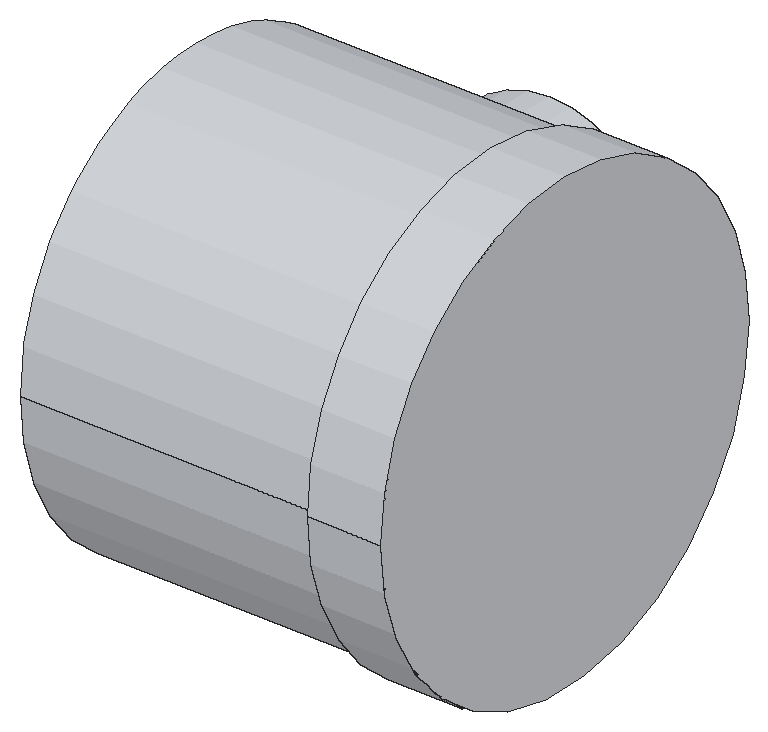
Revit family "M_Round Tee with Cap", category Duct Fittings, Revit 2014
Parameters (values of type "Standard")
  Shoulder Length [instance] = 25 mm
  Duct Radius 2 [instance] = 75 mm
  Duct Radius 1 [instance] = 150 mm
  Duct Length 3 [instance] = 50 mm  # constant formula
  Duct Length 2 [instance] = Duct Radius 1 + Shoulder Length  # 175 mm
  Duct Length 1 [instance] = Duct Radius 2 + Shoulder Length  # 100 mm
  Duct Diameter 2 [instance] = Duct Radius 2 * 2  # 150 mm
  Duct Diameter 1 [instance] = Duct Radius 1 * 2  # 300 mm
  Cap Radius [instance] = Duct Radius 1 + 6 mm  # 156 mm
Reference planes
  plane 1 "Center (Front/Back)": y = 0
  plane 2: z = 0
  plane 3 "Center (Left/Right)": x = 0
  plane 4: y = 175
  plane 5: x = -100
  plane 6: x = 100
  plane 7: x = 150
  plane 8: y = 156
  plane 9: y = -156
Forms (mm)
  Sweep 1, solid, detail levels medium+fine
    path in 3D
      loop
        line (0, 0, 0) -> (0, 175, 0)
    profile origin (0, 87.5, 0) x (-1, 0, 0) y (0, 0, 1)
      loop
        circle (0, 0) r 75
  Sweep 2, solid, detail levels medium+fine
    path in 3D
      loop
        line (-100, 0, 0) -> (100, 0, 0)
    profile origin (0, 0, 0) x (0, 1, 0) y (0, 0, 1)
      loop
        circle (0, 0) r 150
  Sweep 3, solid, detail levels medium+fine
    path in 3D
      loop
        line (100, 0, 0) -> (150, 0, 0)
    profile origin (125, 0, 0) x (0, 1, 0) y (0, 0, 1)
      loop
        circle (0, 0) r 156
Cuts and joins
  joined: Sweep 1, Sweep 2, Sweep 3
Lines and regions (mm)
  model lines, detail levels coarse
    curve 1: line (-100, 0, 0) -> (100, 0, 0)
    curve 2: line (0, 0, 0) -> (0, 175, 0)
    curve 5: line (100, 0, 0) -> (150, 0, 0)
    curve 8: line (100, 156, 0) -> (150, 156, 0)
    curve 9: line (150, 156, 0) -> (150, -156, 0)
    curve 10: line (150, -156, 0) -> (100, -156, 0)
  sketch lines
    curve 3: line (0, 0, 0) -> (0, 175, 0)
    curve 4: line (-100, 0, 0) -> (100, 0, 0)
    curve 6: line (100, 0, 0) -> (150, 0, 0)
  model lines, not visible
    curve 7: line (100, 0, 0) -> (150, 0, 0)
Dimensions and locks
  "Duct Length 1": plane 5 to plane 3 "Center (Left/Right)"
  "Duct Length 2": plane 4 to plane 1 "Center (Front/Back)"
  "Duct Length 3": plane 6 to plane 7
  "Duct Length 1": plane 3 "Center (Left/Right)" to plane 6
  equal spacing: plane 8, plane 1 "Center (Front/Back)", plane 9
  "Cap Radius": plane 8 to plane 1 "Center (Front/Back)"
  "Duct Radius 2": radius of Sweep 1 sketch curve
  "Duct Radius 1": radius of Sweep 2 sketch curve
  "Cap Radius": radius of Sweep 3 sketch curve
  aligned and locked: plane 1 "Center (Front/Back)" to curve 2
  aligned and locked: plane 4 to curve 2
  aligned and locked: plane 5 to curve 1
  aligned and locked: plane 3 "Center (Left/Right)" to Sweep 1 sketch curve
  aligned and locked: plane 2 to Sweep 1 sketch curve
  aligned and locked: plane 1 "Center (Front/Back)" to Sweep 2 sketch curve
  aligned and locked: plane 2 to Sweep 2 sketch curve
  aligned and locked: plane 1 "Center (Front/Back)" to Sweep 3 sketch curve
  aligned and locked: plane 2 to Sweep 3 sketch curve
  aligned and locked: plane 7 to curve 9
  aligned and locked: plane 7 to curve 10
  aligned and locked: plane 6 to curve 10
  aligned and locked: plane 6 to curve 8
  aligned and locked: curve 8 to plane 8
  aligned and locked: plane 9 to curve 10
  aligned and locked: plane 8 to curve 9
Automatic sketch dimensions
  curve 2 to plane 3 "Center (Left/Right)" = 0 mm
  curve 1 to plane 6 = 0 mm
Connectors
  hvac at (-100, 0, 0), driven by "Duct Radius 1"
    settings: on Sweep 2, index 1, duct flow 0.0 L/s, flow factor 0, pres drop 0.0 Pa, loss coef 0, conn angle 0.00°, conn width 304.8 mm, conn height 304.8 mm, conn diameter 300 mm, duct sys type 28, conn prof type 0, flow config 0, flow direction 0, loss method 0, conn ref index 2, conn util no, is conn primary yes, conn desc ""
  hvac at (0, 175, 0), driven by "Duct Radius 2"
    settings: on Sweep 1, index 2, duct flow 0.0 L/s, flow factor 0, pres drop 0.0 Pa, loss coef 0, conn angle 0.00°, conn width 304.8 mm, conn height 304.8 mm, conn diameter 150 mm, duct sys type 28, conn prof type 0, flow config 0, flow direction 0, loss method 0, conn ref index 1, conn util no, is conn primary no, conn desc ""
